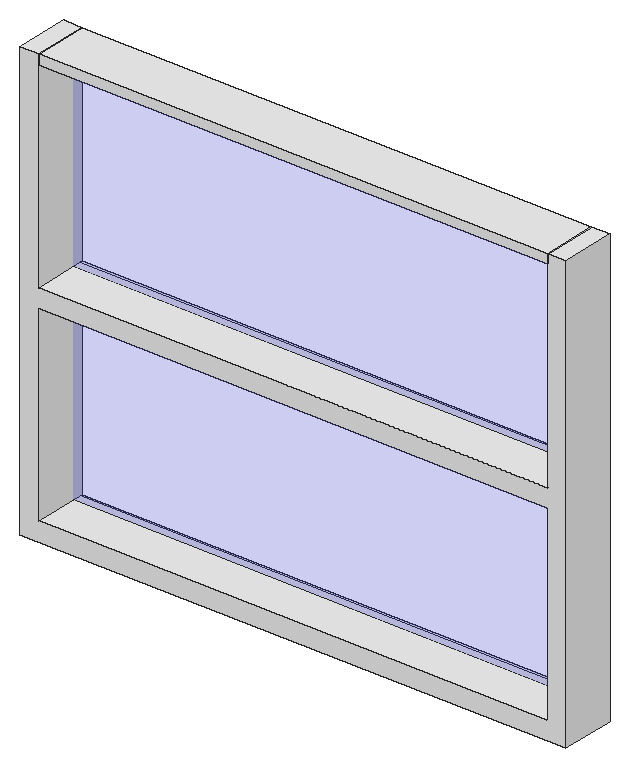
Revit family
Parameters
  창 패널 = ACW2A 창 패널
  창 프레임 = ACW2A 창 프레임
  Height = 1200 mm
  기본 씰 높이 = 2700 mm
  Wall Closure = (empty or 0)
  Width = 1500 mm
  창 두께 = 150 mm
Reference planes
  plane 1: y = 0
  plane 2 "중심(왼쪽/오른쪽)": x = 0
  plane 3 "왼쪽": x = -750
  plane 4 "오른쪽": x = 750
  plane 5 "헤드": z = 3900
  plane 6 "외부": y = 100
  plane 7 "내부": y = -100
  plane 8: z = 3300
  plane 9: y = -75
  plane 10: y = 75
  plane 11: y = 66
  plane 12: y = 44
  plane 13: y = 35
  plane 14: x = -700
  plane 15: x = 700
  plane 16: z = 2750
  plane 17: z = 2700
  plane 18: z = 3275
  plane 19: z = 3325
  plane 20: z = 3875
Forms (mm)
  Extrusion 1, solid, material "ACW2A 창 프레임" <- "창 프레임"
    sketch origin (-2165.69, 265, 2975) x (0, 1, 0) y (1, 0, 0)
      loop
        line (-190, 2865.69) -> (-340, 2865.69) -> (-340, 1465.69) -> (-190, 1465.69) -> (-190, 2865.69)
    from 275 to 225
  Extrusion 2, solid, material "ACW2A 창 프레임" <- "창 프레임"
    sketch origin (-2165.69, 265, 3575) x (0, 1, 0) y (1, 0, 0)
      loop
        line (-190, 2865.69) -> (-340, 2865.69) -> (-340, 1465.69) -> (-190, 1465.69) -> (-190, 2865.69)
    from 300 to 250
  Extrusion 3, solid, material "ACW2A 창 패널" <- "창 패널"
    sketch origin (0, 0, 2975) x (1, 0, 0) y (0, 1, 0)
      loop
        line (-700, 66) -> (-700, 44) -> (700, 44) -> (700, 66) -> (-700, 66)
    from -225 to 300
  Extrusion 4, solid, material "ACW2A 창 패널" <- "창 패널"
    sketch origin (0, 0, 3575) x (1, 0, 0) y (0, 1, 0)
      loop
        line (-700, 66) -> (-700, 44) -> (700, 44) -> (700, 66) -> (-700, 66)
    from -250 to 300
  Extrusion 5, solid, material "ACW2A 창 프레임" <- "창 프레임"
    sketch origin (0, 0, 0) x (1, 0, 0) y (0, 1, 0)
      loop
        line (-750, 75) -> (-750, -75) -> (-700, -75) -> (-700, 75) -> (-750, 75)
      loop
        line (700, 75) -> (700, -75) -> (750, -75) -> (750, 75) -> (700, 75)
    from 2700 to 3900
  Extrusion 6, solid, material "ACW2A 창 프레임" <- "창 프레임"
    sketch origin (-2165.69, 265, 5050) x (0, 1, 0) y (1, 0, 0)
      loop
        line (-190, 2865.69) -> (-340, 2865.69) -> (-340, 1465.69) -> (-190, 1465.69) -> (-190, 2865.69)
    from 1175 to 1150
Cuts and joins
  joined: Extrusion 1, Extrusion 2, Extrusion 5
Lines and regions (mm)
  Opening 1
    outline origin (3500, -100, 0) x (1, 0, 0) y (0, 0, 1)
      loop
        line (-2750, 2700) -> (-2750, 3900) -> (-4250, 3900) -> (-4250, 2700) -> (-2750, 2700)
Text (mm)
  text "외부" at (-1963.203, 1332.353, 0), in view "참조 레벨"
  text "내부" at (-1981.466, -818.386, 0), in view "참조 레벨"
  text "외부" at (0, 923.751, 2943.296), in view "오른쪽"
  text "외부" at (0, 1040.484, 2685.409), in view "왼쪽"
Dimensions and locks
  equal spacing: plane 3 "왼쪽", plane 2 "중심(왼쪽/오른쪽)", plane 4 "오른쪽"
  "Width": plane 3 "왼쪽" to plane 4 "오른쪽"
  "Height": plane 17 to plane 5 "헤드"
  "기본 씰 높이": plane 17 to level
  locked: plane 6 "외부" to host wall at 0
  locked: plane 7 "내부" to host wall
  "창 두께": plane 10 to plane 9
  equal spacing: plane 10, plane 1, plane 9
  plane 10 to plane 11 to plane 12 to plane 13 = 9 mm locked, 22 mm locked, 9 mm locked
  locked: plane 3 "왼쪽" to plane 14 at 50
  locked: plane 15 to plane 4 "오른쪽" at 50
  locked: plane 17 to plane 16 at 50
  plane 18 to plane 8 to plane 19 = 25 mm locked, 25 mm locked
  locked: plane 20 to plane 5 "헤드" at 25
  equal spacing: plane 17, plane 8, plane 5 "헤드"
  aligned and locked: plane 3 "왼쪽" to Extrusion 5 sketch curve
  aligned and locked: Extrusion 5 sketch curve to plane 10
  aligned and locked: plane 9 to Extrusion 5 sketch curve
  aligned and locked: plane 4 "오른쪽" to Extrusion 5 sketch curve
  aligned and locked: Extrusion 5 to host wall
  aligned and locked: Extrusion 6 to host wall
  aligned and locked: plane 20 to Extrusion 6
  aligned and locked: plane 17 to Extrusion 1
  aligned and locked: Extrusion 1 to plane 16
  aligned and locked: plane 16 to Extrusion 3
  aligned and locked: Extrusion 3 to plane 18
  aligned and locked: plane 18 to Extrusion 2
  aligned and locked: Extrusion 2 to plane 19
  aligned and locked: plane 19 to Extrusion 4
  aligned and locked: Extrusion 4 to plane 20
  aligned and locked: plane 17 to Extrusion 5
  aligned and locked: Opening 1 sketch curve to plane 17
  aligned and locked: Extrusion 6 to plane 5 "헤드"
Automatic sketch dimensions
  Extrusion 1 sketch curve to plane 9 = 0 mm
  Extrusion 1 sketch curve to plane 10 = 0 mm
  Extrusion 1 sketch curve to plane 15 = 0 mm
  Extrusion 1 sketch curve to plane 14 = 0 mm
  Extrusion 2 sketch curve to plane 9 = 0 mm
  Extrusion 2 sketch curve to plane 10 = 0 mm
  Extrusion 2 sketch curve to plane 15 = 0 mm
  Extrusion 2 sketch curve to plane 14 = 0 mm
  Extrusion 3 sketch curve to plane 12 = 0 mm
  Extrusion 3 sketch curve to plane 14 = 0 mm
  Extrusion 3 sketch curve to plane 15 = 0 mm
  Extrusion 3 sketch curve to plane 11 = 0 mm
  Extrusion 4 sketch curve to plane 12 = 0 mm
  Extrusion 4 sketch curve to plane 14 = 0 mm
  Extrusion 4 sketch curve to plane 15 = 0 mm
  Extrusion 4 sketch curve to plane 11 = 0 mm
  Extrusion 6 sketch curve to plane 9 = 0 mm
  Extrusion 6 sketch curve to plane 10 = 0 mm
  Extrusion 6 sketch curve to plane 15 = 0 mm
  Extrusion 6 sketch curve to plane 14 = 0 mm
  Extrusion 5 sketch curve to plane 9 = 0 mm
  Extrusion 5 sketch curve to plane 14 = 0 mm
  Extrusion 5 sketch curve to plane 10 = 0 mm
  Extrusion 5 sketch curve to plane 15 = 0 mm
  Opening 1 sketch curve to plane 3 "왼쪽" = 0 mm
  Opening 1 sketch curve to plane 4 "오른쪽" = 0 mm
  Opening 1 sketch curve to plane 5 "헤드" = 0 mm
